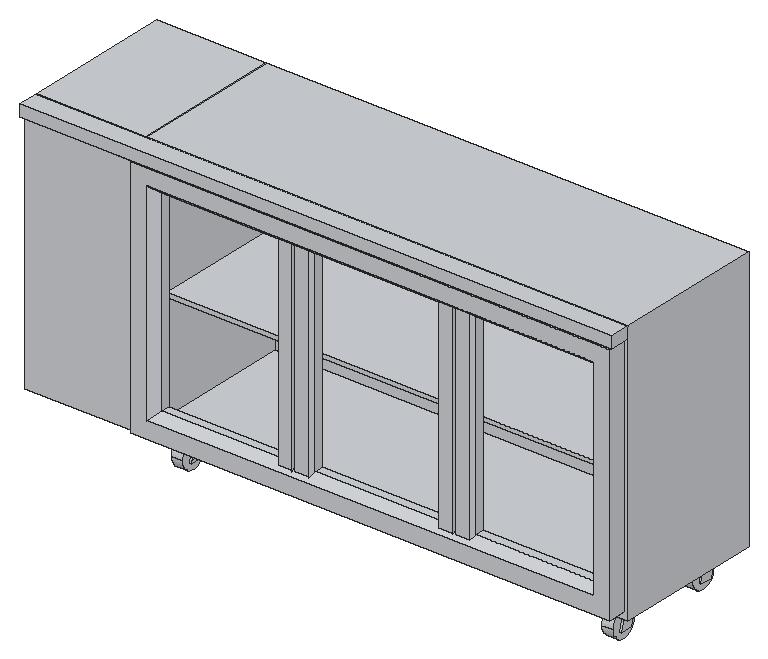
Revit family "Skope BB580", category Specialty Equipment, Revit 2015
Parameters (values of type "3 Sliding Doors Chiller Integral (LH)")
  PD [instance] = if(Height Set > HOM, HOM, if(Height Set < HOMi, HOMi, Height Set))  # 110 mm
  Feet [instance] = not(Castors)  # no
  Swing = not(Sliding)  # no
  Small Unit Size = 235 mm  # constant formula
  Small Refrigeration Unit = not(Large Refrigeration Unit)  # no
  Sliding = yes
  Refridgeration Unit Depth = if(Large Refrigeration Unit, Large Unit Size, Small Unit Size)  # 380 mm
  RHS = if(and(Small Refrigeration Unit, RH Unit), 1 < 2, 2 < 1)  # no
  RHL = if(and(Large Refrigeration Unit, RH Unit), 1 < 2, 2 < 1)  # no
  RH Unit = not(LH Unit)  # no
  RH Refrigeration Unit = if(RH Unit, Refridgeration Unit Depth, 0 mm)  # 0 mm
  Plinth [instance] = no
  Overall Width = 596 mm
  Overall Length = 2060 mm
  Overall Depth = 920 mm
  Model = "BB580-3SL"
  Manufacturer = "Skope Ltd."  # constant formula
  MW = Overall Width - Door Thickness  # 525.2 mm
  MS = Overall Length - LH Refrigeration Unit - RH Refrigeration Unit  # 1680 mm
  MH = Overall Depth - Bench Thickness  # 880 mm
  Large Unit Size = 380 mm  # constant formula
  Large Refrigeration Unit = yes
  LHS = if(and(Small Refrigeration Unit, LH Unit), 1 < 2, 2 < 1)  # no
  LHL = if(and(Large Refrigeration Unit, LH Unit), 1 < 2, 2 < 1)  # yes
  LH Unit = yes
  LH Refrigeration Unit = if(LH Unit, Refridgeration Unit Depth, 0 mm)  # 380 mm
  Interior Wheel Offset = 90 mm  # constant formula
  Height Set [instance] = 190 mm
  Height Offset [instance] = if(Plinth, Height Set, PD)  # 110 mm
  HOMi [instance] = if(Castors, 95 mm, 150 mm)  # 95 mm
  HOM [instance] = if(Castors, 110 mm, 180 mm)  # 110 mm
  DoorNo = 3  # constant formula
  Door Width = MS / DoorNo  # 560 mm
  Door Thickness = 70.8 mm  # constant formula
  Description = "3 Sliding Doors Chiller Integral (LH)"
  Castors [instance] = yes
  Bench Thickness = 40 mm  # constant formula
Types (9, lengths in mm): name | Swing | Small Refrigeration Unit | Sliding | Refridgeration Unit Depth | RHS | RHL | RH Unit | RH Refrigeration Unit | Overall Length | Model | Large Refrigeration Unit | LHS | LHL | LH Unit | LH Refrigeration Unit | Description
  (no name) | no | no | yes | 380 | no | no | no | 0 | 2060 | "BB580-3SL" | yes | no | yes | yes | 380 | "3 Sliding Doors Chiller Integral (LH)"
  3 Sliding Doors Chiller Integral (LH) | no | no | yes | 380 | no | no | no | 0 | 2060 | "BB580-3SL" | yes | no | yes | yes | 380 | "3 Sliding Doors Chiller Integral (LH)"
  3 Sliding Doors Chiller Integral (RH) | no | no | yes | 380 | no | yes | yes | 380 | 2060 | "BB580-3SL-RH" | yes | no | no | no | 0 | "3 Sliding Doors Chiller Integral (RH)"
  3 Sliding Doors Chiller Remote (LH) | no | yes | yes | 235 | no | no | no | 0 | 1915 | "BB580r-3SL" | no | yes | no | yes | 235 | "3 Sliding Doors Chiller Remote (LH)"
  3 Sliding Doors Chiller Remote (RH) | no | yes | yes | 235 | yes | no | yes | 235 | 1915 | "BB580r-3SL-RH" | no | no | no | no | 0 | "3 Sliding Doors Chiller Remote (RH)"
  3 Swing Doors Chiller Integral (LH) | yes | no | no | 380 | no | no | no | 0 | 2060 | "BB580-3SW" | yes | no | yes | yes | 380 | "3 Swing Doors Chiller Integral (LH)"
  3 Swing Doors Chiller Integral (RH) | yes | no | no | 380 | no | yes | yes | 380 | 2060 | "BB580-3SW-RH" | yes | no | no | no | 0 | "3 Swing Doors Chiller Integral (RH)"
  3 Swing Doors Chiller Remote (LH) | yes | yes | no | 235 | no | no | no | 0 | 1915 | "BB580r-3SW" | no | yes | no | yes | 235 | "3 Swing Doors Chiller Remote (LH)"
  3 Swing Doors Chiller Remote (RH) | yes | yes | no | 235 | yes | no | yes | 235 | 1915 | "BB580r-3SW-RH" | no | no | no | no | 0 | "3 Swing Doors Chiller Remote (RH)"
Reference planes
  plane 1 "Center (Front/Back)": y = 0
  plane 2: z = 0
  plane 3 "Center (Left/Right)": x = 0
  plane 4: y = -596
  plane 5: x = 2060
  plane 6: x = 380
  plane 7: x = 2060
  plane 8: y = -525.2
  plane 9: z = 110
  plane 10: z = 990
  plane 11: z = 1030
  plane 12: x = 470
  plane 13: x = 1970
  plane 14: y = -90
  plane 15: y = -435.2
  plane 16: x = 940
Forms (mm)
  Extrusion 1, solid
    sketch origin (0, 0, 0) x (0, 1, 0) y (0, 0, 1)
      loop
        line (-525.2, 1030) -> (-596, 1030) -> (-596, 990) -> (-525.2, 990) -> (-525.2, 1030)
    from 0 to 2060
Dimensions and locks
  "Overall Width": plane 4 to plane 1 "Center (Front/Back)"
  "LH Refrigeration Unit": plane 3 "Center (Left/Right)" to plane 6
  "RH Refrigeration Unit": plane 7 to plane 5
  "Door Thickness": plane 8 to plane 4
  "Overall Length": plane 3 "Center (Left/Right)" to plane 5
  "Height Offset": plane 9 to plane 2
  "Overall Depth": plane 11 to plane 9
  "Bench Thickness": plane 11 to plane 10
  "Interior Wheel Offset": plane 14 to plane 1 "Center (Front/Back)"
  "Interior Wheel Offset": plane 15 to plane 8
  "Interior Wheel Offset": plane 13 to plane 7
  "Interior Wheel Offset": plane 6 to plane 12
  plane 10 to Extrusion 1 = 40 mm
  "Door Width": plane 6 to plane 16
  aligned and locked: level to plane 2
  aligned and locked: plane 9 to nested 1
  aligned and locked: plane 3 "Center (Left/Right)" to nested 2
  aligned and locked: plane 1 "Center (Front/Back)" to nested 2
  aligned and locked: plane 9 to nested 2
  aligned and locked: plane 1 "Center (Front/Back)" to nested 3
  aligned and locked: plane 6 to nested 1
  aligned and locked: plane 3 "Center (Left/Right)" to nested 4
  aligned and locked: nested 4 to plane 8
  aligned and locked: plane 9 to nested 4
  aligned and locked: plane 3 "Center (Left/Right)" to nested 5
  aligned and locked: nested 5 to plane 8
  aligned and locked: plane 9 to nested 5
  aligned and locked: plane 12 to nested 6
  aligned and locked: plane 14 to nested 6
  aligned and locked: plane 12 to nested 7
  aligned and locked: plane 13 to nested 8
  aligned and locked: plane 15 to nested 7
  aligned and locked: nested 7 to plane 9
  aligned and locked: nested 6 to plane 9
  aligned and locked: nested 8 to plane 9
  aligned and locked: nested 8 to plane 14
  aligned and locked: plane 13 to nested 9
  aligned and locked: nested 9 to plane 15
  aligned and locked: nested 9 to plane 9
  aligned and locked: plane 9 to nested 3
  aligned and locked: plane 5 to nested 3
  aligned and locked: nested 10 to plane 12
  aligned and locked: nested 10 to plane 14
  aligned and locked: nested 11 to plane 12
  aligned and locked: nested 11 to plane 15
  aligned and locked: nested 13 to plane 15
  aligned and locked: nested 12 to plane 14
  aligned and locked: nested 12 to plane 13
  aligned and locked: nested 13 to plane 13
  aligned and locked: nested 11 to plane 9
  aligned and locked: nested 10 to plane 9
  aligned and locked: nested 13 to plane 9
  aligned and locked: nested 12 to plane 9
  aligned and locked: plane 6 to nested 14
  aligned and locked: nested 14 to plane 8
  aligned and locked: plane 9 to nested 14
  aligned and locked: nested 15 to plane 9
  aligned and locked: nested 1 to Extrusion 1 sketch curve  (x2)
  aligned and locked: Extrusion 1 sketch curve to nested 4  (x2)
  aligned and locked: plane 5 to Extrusion 1
  aligned and locked: Extrusion 1 to plane 3 "Center (Left/Right)"
  aligned and locked: nested 16 to plane 6
  aligned and locked: nested 16 to plane 8
  aligned and locked: plane 5 to nested 18
  aligned and locked: nested 18 to plane 8
  aligned and locked: plane 5 to nested 17
  aligned and locked: nested 17 to plane 8
  aligned and locked: plane 7 to nested 15
  aligned and locked: nested 15 to plane 8
  aligned and locked: plane 3 "Center (Left/Right)" to nested 19
  aligned and locked: plane 1 "Center (Front/Back)" to nested 19
  aligned and locked: plane 9 to nested 16
  aligned and locked: plane 9 to nested 18
  aligned and locked: plane 9 to nested 17
  aligned and locked: nested 20 to plane 16
  aligned and locked: nested 20 to plane 8
Nested families
  nested 1: "Skope Base Unit" at (380, 0, 110), type "Skope Base Unit"
    with Width 1680 mm, Height 920 mm, Depth 525.2 mm
  nested 2: "Skope Side Base Unit" at (0, 0, 110), visible <- "LH Unit", type "Skope Side Base Unit"
    with Width 380 mm, Height 920 mm, Depth 525.2 mm
  nested 3: "Skope Side Base Unit" at (1680, 0, 110), visible <- "RH Unit", type "Skope Side Base Unit"
    with Width 380 mm, Height 920 mm, Depth 525.2 mm
  nested 4: "Skope Side Unit (Small)" at (0, -525.2, 110), visible <- "LHS", type "Skope Side Unit (Small)"
  nested 5: "Skope Side Unit" at (0, -525.2, 110), visible <- "LHL", type "Skope Side Unit"
  nested 6: "Skope Castors" at (470, -90, 110) x (-1, 0, 0) z (0, 0, 1), visible <- "Castors", type "Skope Castor", detail levels medium+fine
  nested 7: "Skope Castors" at (470, -435.2, 110) x (-1, 0, 0) z (0, 0, 1), visible <- "Castors", type "Skope Castor", detail levels medium+fine
  nested 8: "Skope Castors" at (1970, -90, 110) x (-1, 0, 0) z (0, 0, 1), visible <- "Castors", type "Skope Castor", detail levels medium+fine
  nested 9: "Skope Castors" at (1970, -435.2, 110) x (-1, 0, 0) z (0, 0, 1), visible <- "Castors", type "Skope Castor", detail levels medium+fine
  nested 10: "Skope Legs" at (470, -90, 110), visible <- "Feet", built-in parameter 1001364 <- "Height Offset", type "Skope Castor", detail levels medium+fine
  nested 11: "Skope Legs" at (470, -435.2, 110), visible <- "Feet", built-in parameter 1001364 <- "Height Offset", type "Skope Castor", detail levels medium+fine
  nested 12: "Skope Legs" at (1970, -90, 110), visible <- "Feet", built-in parameter 1001364 <- "Height Offset", type "Skope Castor", detail levels medium+fine
  nested 13: "Skope Legs" at (1970, -435.2, 110), visible <- "Feet", built-in parameter 1001364 <- "Height Offset", type "Skope Castor", detail levels medium+fine
  nested 14: "Skope Solid Swing Door" at (380, -525.2, 110), type "Skope Solid Swing Door"
  nested 15: "Skope Solid Swing Door" at (2060, -525.2, 110) x (-1, 0, 0) z (0, 0, 1), type "Skope Solid Swing Door"
  nested 16: "Skope Glass SlidingDoor" at (380, -525.2, 110), visible <- "Sliding", type "Skope Glass SlidingDoor"
    with Width 1680 mm, Door Visual Radius 1632 mm
  nested 17: "Skope Side Unit (Small)" at (1825, -525.2, 110), visible <- "RHS", type "Skope Side Unit (Small)"
  nested 18: "Skope Side Unit" at (1680, -525.2, 110), visible <- "RHL", type "Skope Side Unit"
  nested 19: "Family8" at (0, 0, 0), visible <- "Plinth", type "Family8"
    with Width 525.2 mm, Offset 20 mm, Length 2060 mm, Height 110 mm
  nested 20: "Skope Solid Swing Door" at (940, -525.2, 110), type "Skope Solid Swing Door"
Definition of nested family "Skope Base Unit"
  Parameters (values of type "Skope Base Unit")
    Width = 1500 mm
    Material = none
    Height = 925 mm
    Depth = 539.2 mm
  Reference planes
    plane 1 "Center (Front/Back)": y = 0
    plane 2: z = 0
    plane 3 "Center (Left/Right)": x = 0
    plane 4: y = -539.2
    plane 5: x = 1500
    plane 6: z = 925
    plane 7: x = 70
    plane 8: z = 855
    plane 9: z = 70
    plane 10: x = 1430
    plane 11: y = -50
    plane 12: z = 462.5
  Forms (mm)
    Extrusion 1, solid, material <- "Material"
      sketch origin (0, 0, 0) x (1, 0, 0) y (0, 1, 0)
        loop
          line (0, -539.2) -> (1500, -539.2) -> (1500, 0) -> (0, 0) -> (0, -539.2)
      from 0 to 925 <- "Height"
    Extrusion 2, void
      sketch origin (0, 0, 0) x (1, 0, 0) y (0, 0, 1)
        loop
          line (70, 855) -> (70, 70) -> (1430, 70) -> (1430, 855) -> (70, 855)
      from 50 to 539.2
    Extrusion 3, solid
      sketch origin (0, 0, 0) x (1, 0, 0) y (0, 1, 0)
        loop
          line (70, -539.2) -> (1430, -539.2) -> (1430, -50) -> (70, -50) -> (70, -539.2)
      from 445.841 to 462.5
  Cuts and joins
    Extrusion 2 cuts Extrusion 1
  Dimensions and locks
    "Depth": plane 1 "Center (Front/Back)" to plane 4
    "Width": plane 5 to plane 3 "Center (Left/Right)"
    "Height": plane 6 to plane 2
    locked: plane 5 to plane 10 at 70
    locked: plane 7 to plane 3 "Center (Left/Right)" at 70
    locked: plane 6 to plane 8 at 70
    plane 9 to plane 2 = 70 mm
    locked: plane 11 to plane 1 "Center (Front/Back)" at 50
    equal spacing: plane 6, plane 12, plane 2
    aligned and locked: level to plane 2
    aligned and locked: Extrusion 1 sketch curve to plane 4
    aligned and locked: plane 3 "Center (Left/Right)" to Extrusion 1 sketch curve
    aligned and locked: Extrusion 1 sketch curve to plane 1 "Center (Front/Back)"
    aligned and locked: plane 5 to Extrusion 1 sketch curve
    aligned and locked: Extrusion 2 sketch curve to plane 8
    aligned and locked: Extrusion 2 sketch curve to plane 7
    aligned and locked: plane 9 to Extrusion 2 sketch curve
    aligned and locked: plane 10 to Extrusion 2 sketch curve
    aligned and locked: Extrusion 2 to plane 4
    aligned and locked: plane 11 to Extrusion 2
    aligned and locked: plane 11 to Extrusion 3 sketch curve
    aligned and locked: Extrusion 3 sketch curve to plane 10
    aligned and locked: plane 7 to Extrusion 3 sketch curve
    aligned and locked: Extrusion 3 sketch curve to plane 4
    aligned and locked: Extrusion 3 to plane 12
Definition of nested family "Skope Side Base Unit"
  Parameters (values of type "Skope Side Base Unit")
    Width = 1750 mm
    Material = none
    Height = 716 mm
    Depth = 759.2 mm
  Reference planes
    plane 1 "Center (Front/Back)": y = 0
    plane 2: z = 0
    plane 3 "Center (Left/Right)": x = 0
    plane 4: y = -759.2
    plane 5: x = 1750
    plane 6: z = 716
  Forms (mm)
    Extrusion 1, solid, material <- "Material"
      sketch origin (0, 0, 0) x (1, 0, 0) y (0, 1, 0)
        loop
          line (0, -759.2) -> (1750, -759.2) -> (1750, 0) -> (0, 0) -> (0, -759.2)
      from 0 to 716 <- "Height"
  Dimensions and locks
    "Depth": plane 1 "Center (Front/Back)" to plane 4
    "Width": plane 5 to plane 3 "Center (Left/Right)"
    "Height": plane 6 to plane 2
    aligned and locked: level to plane 2
    aligned and locked: Extrusion 1 sketch curve to plane 4
    aligned and locked: plane 3 "Center (Left/Right)" to Extrusion 1 sketch curve
    aligned and locked: Extrusion 1 sketch curve to plane 1 "Center (Front/Back)"
    aligned and locked: plane 5 to Extrusion 1 sketch curve
Definition of nested family "Skope Side Unit (Small)"
  Parameters (values of type "Skope Side Unit (Small)")
    Width = 235 mm
    Top Offset = 45 mm
    Material = none
    Height = 880 mm
    Grill Offset = 8 mm
    Door Width = Width - (Door Center Offset * 2)  # 75 mm
    Door Top Offset = 160 mm
    Door Offset Bottom = 151.38 mm
    Door Height = Height - Door Offset Bottom - 30 mm  # 698.62 mm
    Door Center Offset = 80 mm
    Detailed Door Width = 1291.611 mm
    Detailed Door Offset = 10 mm
    Detailed Door Ground Clearance = 24 mm
    Detailed Door Elevation Offset = 8 mm
    Detailed Door Depth = Depth - Detailed Door Offset - Detailed Door Elevation Offset  # 52.8 mm
    Depth = 70.8 mm
  Reference planes
    plane 1 "Center (Front/Back)": y = 0
    plane 2: z = 0
    plane 3 "Center (Left/Right)": x = 0
    plane 4: y = -70.8
    plane 5: x = 235
    plane 6: z = 880
    plane 7: y = -10
    plane 8: x = 320
    plane 9: z = 452
    plane 10: z = 24
    plane 11: z = 840
    plane 12: z = 80
    plane 13: z = 188.571
    plane 14: z = 297.143
    plane 15: z = 405.714
    plane 16: z = 514.286
    plane 17: z = 622.857
    plane 18: z = 731.429
    plane 19: z = 178.571
    plane 20: z = 287.143
    plane 21: z = 721.429
    plane 22: z = 612.857
    plane 23: x = 20
    plane 24: x = 215
  Forms (mm)
    Extrusion 1, solid, material <- "Material", detail levels coarse
      sketch origin (0, 0, 0) x (1, 0, 0) y (0, 1, 0)
        loop
          line (0, -70.8) -> (235, -70.8) -> (235, 0) -> (0, 0) -> (0, -70.8)
      from 0 to 880 <- "Height"
    Extrusion 2, solid, material <- "Material", detail levels medium+fine
      sketch origin (-18, 0, 0) x (1, 0, 0) y (0, 0, 1)
        loop
          line (26, 872) -> (26, 32) -> (253, 32) -> (253, 872) -> (26, 872)
      from 10 to 62.8
    Extrusion 3, solid, detail levels medium+fine
      sketch origin (-18, -62.8, 0) x (1, 0, 0) y (0, 0, 1)
        loop
          line (34, 40) -> (245, 40) -> (245, 864) -> (34, 864) -> (34, 40)
      from -62.8 to -52.8
  Lines and regions (mm)
    model lines, detail levels medium+fine
      curve 1: line (20, -62.8, 622.857) -> (215, -62.8, 622.857)
      curve 2: line (20, -62.8, 721.429) -> (20, -62.8, 622.857)
      curve 3: line (215, -62.8, 721.429) -> (20, -62.8, 721.429)
      curve 4: line (215, -62.8, 622.857) -> (215, -62.8, 721.429)
      curve 5: line (20, -62.8, 514.286) -> (215, -62.8, 514.286)
      curve 6: line (20, -62.8, 612.857) -> (20, -62.8, 514.286)
      curve 7: line (215, -62.8, 612.857) -> (20, -62.8, 612.857)
      curve 8: line (215, -62.8, 514.286) -> (215, -62.8, 612.857)
      curve 9: line (20, -62.8, 80) -> (215, -62.8, 80)
      curve 10: line (20, -62.8, 178.571) -> (20, -62.8, 80)
      curve 11: line (215, -62.8, 178.571) -> (20, -62.8, 178.571)
      curve 12: line (215, -62.8, 80) -> (215, -62.8, 178.571)
      curve 13: line (20, -62.8, 188.571) -> (215, -62.8, 188.571)
      curve 14: line (20, -62.8, 287.143) -> (20, -62.8, 188.571)
      curve 15: line (215, -62.8, 287.143) -> (20, -62.8, 287.143)
      curve 16: line (215, -62.8, 188.571) -> (215, -62.8, 287.143)
      curve 17: line (20, -62.8, 731.429) -> (151, -62.8, 731.429)
      curve 18: line (20, -62.8, 796.429) -> (20, -62.8, 731.429)
      curve 19: line (151, -62.8, 796.429) -> (20, -62.8, 796.429)
      curve 20: line (151, -62.8, 731.429) -> (151, -62.8, 796.429)
  Dimensions and locks
    "Depth": plane 1 "Center (Front/Back)" to plane 4
    "Width": plane 5 to plane 3 "Center (Left/Right)"
    "Height": plane 6 to plane 2
    "Detailed Door Offset": plane 7 to plane 1 "Center (Front/Back)"
    Extrusion 1 to Extrusion 1 to plane 8 = 235 mm, 85 mm
    equal spacing: plane 10, plane 9, plane 6
    "Detailed Door Elevation Offset": Extrusion 1 to Extrusion 2  (x3)
    "Detailed Door Ground Clearance": plane 10 to level
    "Detailed Door Depth": plane 7 to Extrusion 2
    "Detailed Door Elevation Offset": Extrusion 2 to plane 10
    "Grill Offset": Extrusion 2 to Extrusion 3 sketch curve
    Extrusion 1 to Extrusion 3 sketch curve = 8 mm
    plane 6 to plane 11 = 40 mm
    plane 12 to plane 2 = 80 mm
    equal spacing: plane 11, plane 18, plane 17, plane 16, plane 15, plane 14, plane 13, plane 12
    plane 18 to plane 21 = 10 mm
    plane 17 to plane 22 = 10 mm
    plane 14 to plane 20 = 10 mm
    plane 13 to plane 19 = 10 mm
    plane 23 to plane 3 "Center (Left/Right)" = 20 mm
    plane 5 to plane 24 = 20 mm
    aligned and locked: level to plane 2
    aligned and locked: Extrusion 1 sketch curve to plane 4
    aligned and locked: plane 3 "Center (Left/Right)" to Extrusion 1 sketch curve
    aligned and locked: Extrusion 1 sketch curve to plane 1 "Center (Front/Back)"
    aligned and locked: Extrusion 1 sketch curve to plane 5
    aligned and locked: plane 7 to Extrusion 2
    aligned and locked: Extrusion 2 sketch curve to plane 5
    aligned and locked: Extrusion 3 to plane 1 "Center (Front/Back)"
    aligned and locked: Extrusion 3 to plane 7
    aligned and locked: curve 1 to plane 17
    aligned and locked: plane 21 to curve 3
    aligned and locked: plane 22 to curve 7
    aligned and locked: curve 9 to plane 12
    aligned and locked: plane 19 to curve 11
    aligned and locked: curve 13 to plane 13
    aligned and locked: plane 20 to curve 15
    aligned and locked: curve 17 to plane 18
    aligned and locked: plane 24 to curve 12
    aligned and locked: plane 23 to curve 10
  Automatic sketch dimensions
    plane 3 "Center (Left/Right)" to Extrusion 2 sketch curve = 8 mm
    plane 10 to Extrusion 2 sketch curve = 8 mm
    Extrusion 2 sketch curve to plane 6 = 8 mm
    curve 3 to Extrusion 2 = 12 mm
    curve 19 to Extrusion 2 = 12 mm
    curve 14 to Extrusion 2 = 12 mm
    curve 5 to Extrusion 2 = 12 mm
    curve 19 to Extrusion 2 = 84 mm
    curve 13 to curve 11 = 0 mm
    curve 1 to curve 8 = 0 mm
    curve 6 to curve 6 = 98.571 mm
    curve 17 to curve 19 = 65 mm
    curve 8 to Extrusion 2 = 20 mm
    Extrusion 3 sketch curve to Extrusion 2 = 8 mm  (x2)
Definition of nested family "Skope Side Unit"
  Parameters (values of type "Skope Side Unit")
    Width = 380 mm
    Top Offset = 45 mm
    Material = none
    Height = 880 mm
    Grill Offset = 8 mm
    Door Width = Width - (Door Center Offset * 2)  # 220 mm
    Door Top Offset = 160 mm
    Door Offset Bottom = 151.38 mm
    Door Height = Height - Door Offset Bottom - 30 mm  # 698.62 mm
    Door Center Offset = 80 mm
    Detailed Door Width = 1291.611 mm
    Detailed Door Offset = 10 mm
    Detailed Door Ground Clearance = 24 mm
    Detailed Door Elevation Offset = 8 mm
    Detailed Door Depth = Depth - Detailed Door Offset - Detailed Door Elevation Offset  # 52.8 mm
    Depth = 70.8 mm
  Reference planes
    plane 1 "Center (Front/Back)": y = 0
    plane 2: z = 0
    plane 3 "Center (Left/Right)": x = 0
    plane 4: y = -70.8
    plane 5: x = 380
    plane 6: z = 880
    plane 7: y = -10
    plane 8: x = 340
    plane 9: z = 452
    plane 10: z = 24
    plane 11: x = 40
    plane 12: z = 840
    plane 13: z = 65.281
    plane 14: z = 710.88
    plane 15: z = 581.76
    plane 16: z = 452.641
    plane 17: z = 323.521
    plane 18: z = 194.401
    plane 19: z = 184.401
    plane 20: z = 313.521
    plane 21: z = 442.641
    plane 22: z = 571.76
    plane 23: z = 700.88
    plane 24: z = 830
    plane 25: x = 220
  Forms (mm)
    Extrusion 1, solid, material <- "Material", detail levels coarse
      sketch origin (0, 0, 0) x (1, 0, 0) y (0, 1, 0)
        loop
          line (0, -70.8) -> (380, -70.8) -> (380, 0) -> (0, 0) -> (0, -70.8)
      from 0 to 880 <- "Height"
    Extrusion 2, solid, material <- "Material", detail levels medium+fine
      sketch origin (-18, 0, 0) x (1, 0, 0) y (0, 0, 1)
        loop
          line (26, 872) -> (26, 32) -> (398, 32) -> (398, 872) -> (26, 872)
      from 10 to 62.8
    Extrusion 3, solid, detail levels medium+fine
      sketch origin (-18, -62.8, 0) x (1, 0, 0) y (0, 0, 1)
        loop
          line (34, 40) -> (390, 40) -> (390, 864) -> (34, 864) -> (34, 40)
      from -62.8 to -52.8
  Lines and regions (mm)
    model lines, detail levels medium+fine
      curve 1: line (40, -62.8, 184.401) -> (340, -62.8, 184.401)
      curve 2: line (40, -62.8, 65.281) -> (40, -62.8, 184.401)
      curve 3: line (340, -62.8, 65.281) -> (40, -62.8, 65.281)
      curve 4: line (340, -62.8, 184.401) -> (340, -62.8, 65.281)
      curve 5: line (40, -62.8, 313.521) -> (340, -62.8, 313.521)
      curve 6: line (40, -62.8, 194.401) -> (40, -62.8, 313.521)
      curve 7: line (340, -62.8, 194.401) -> (40, -62.8, 194.401)
      curve 8: line (340, -62.8, 313.521) -> (340, -62.8, 194.401)
      curve 9: line (40, -62.8, 830) -> (220, -62.8, 830)
      curve 10: line (40, -62.8, 710.88) -> (40, -62.8, 830)
      curve 11: line (220, -62.8, 710.88) -> (40, -62.8, 710.88)
      curve 12: line (220, -62.8, 830) -> (220, -62.8, 710.88)
      curve 13: line (40, -62.8, 700.88) -> (220, -62.8, 700.88)
      curve 14: line (40, -62.8, 581.76) -> (40, -62.8, 700.88)
      curve 15: line (220, -62.8, 581.76) -> (40, -62.8, 581.76)
      curve 16: line (220, -62.8, 700.88) -> (220, -62.8, 581.76)
      curve 17: line (241.037, -62.8, 830) -> (326.037, -62.8, 830)
      curve 18: line (241.037, -62.8, 795) -> (241.037, -62.8, 830)
      curve 19: line (326.037, -62.8, 795) -> (241.037, -62.8, 795)
      curve 20: line (326.037, -62.8, 830) -> (326.037, -62.8, 795)
  Dimensions and locks
    "Depth": plane 1 "Center (Front/Back)" to plane 4
    "Width": plane 5 to plane 3 "Center (Left/Right)"
    "Height": plane 6 to plane 2
    "Detailed Door Offset": plane 7 to plane 1 "Center (Front/Back)"
    Extrusion 1 to plane 8 to Extrusion 1 = 340 mm, 40 mm
    equal spacing: plane 10, plane 9, plane 6
    "Detailed Door Elevation Offset": Extrusion 1 to Extrusion 2  (x3)
    "Detailed Door Ground Clearance": plane 10 to level
    "Detailed Door Depth": plane 7 to Extrusion 2
    "Detailed Door Elevation Offset": Extrusion 2 to plane 10
    "Grill Offset": Extrusion 2 to Extrusion 3 sketch curve
    Extrusion 1 to Extrusion 3 sketch curve = 8 mm
    locked: plane 11 to plane 3 "Center (Left/Right)" at 40
    plane 13 to plane 2 = 65.281 mm
    plane 6 to plane 12 = 40 mm
    equal spacing: plane 12, plane 14, plane 15, plane 16, plane 17, plane 18, plane 13
    plane 12 to plane 24 = 10 mm
    plane 14 to plane 23 = 10 mm
    plane 15 to plane 22 = 10 mm
    plane 16 to plane 21 = 10 mm
    plane 17 to plane 20 = 10 mm
    plane 18 to plane 19 = 10 mm
    locked: plane 5 to plane 8 at 40
    plane 11 to plane 25 = 180 mm
    plane 25 to curve 18 = 21.037 mm
    aligned and locked: level to plane 2
    aligned and locked: Extrusion 1 sketch curve to plane 4
    aligned and locked: plane 3 "Center (Left/Right)" to Extrusion 1 sketch curve
    aligned and locked: Extrusion 1 sketch curve to plane 1 "Center (Front/Back)"
    aligned and locked: Extrusion 1 sketch curve to plane 5
    aligned and locked: plane 7 to Extrusion 2
    aligned and locked: Extrusion 2 sketch curve to plane 5
    aligned and locked: Extrusion 3 to plane 1 "Center (Front/Back)"
    aligned and locked: Extrusion 3 to plane 7
    aligned and locked: curve 1 to plane 19
    aligned and locked: curve 2 to plane 11
    aligned and locked: curve 3 to plane 13
    aligned and locked: curve 4 to plane 8
    aligned and locked: curve 5 to plane 20
    aligned and locked: curve 6 to plane 11
    aligned and locked: plane 18 to curve 7
    aligned and locked: curve 8 to plane 8
    aligned and locked: curve 9 to plane 24
    aligned and locked: curve 10 to plane 11
    aligned and locked: plane 14 to curve 11
    aligned and locked: plane 25 to curve 12
    aligned and locked: curve 13 to plane 23
    aligned and locked: curve 14 to plane 11
    aligned and locked: plane 15 to curve 15
    aligned and locked: plane 25 to curve 16
  Automatic sketch dimensions
    plane 3 "Center (Left/Right)" to Extrusion 2 sketch curve = 8 mm
    plane 10 to Extrusion 2 sketch curve = 8 mm
    Extrusion 2 sketch curve to plane 6 = 8 mm
    curve 19 to Extrusion 2 = 53.963 mm
    curve 18 to curve 9 = 35 mm
    curve 19 to curve 17 = 35 mm
    Extrusion 3 sketch curve to Extrusion 2 = 8 mm  (x2)
Definition of nested family "Skope Castors"
  Parameters (values of type "Skope Castor")
    Wheel Offset = Height Adjusted - 105 mm  # 5 mm
    Wheel Material = none
    Pusher = if([Height (115mm to 130mm)] < 116 mm, -10 mm, (105 mm - Height Adjusted))  # -10 mm
    Material = none
    Height Adjusted = if([Height (115mm to 130mm)] < 110 mm, 110 mm, (if([Height (115mm to 130mm)] > 130 mm, 130 mm, [Height (115mm to 130mm)])))  # 110 mm
    Height (115mm to 130mm) = 110 mm
  Reference planes
    plane 1 "Center (Front/Back)": y = 0
    plane 2: z = 0
    plane 3 "Center (Left/Right)": x = 0
    plane 4: z = -56
    plane 5: x = -50
    plane 6: x = 50
    plane 7: y = -57.5
    plane 8: y = 57.5
    plane 9: z = -5
    plane 10: z = -119.14
  Forms (mm)
    Extrusion 1, solid, material <- "Material"
      sketch origin (-68.05, 25.042, 0) x (1, 0, 0) y (0, 1, 0)
        loop
          circle (68.05, -25.042) r 10
      from -10 <- "Pusher" to 0
    Extrusion 2, solid, material <- "Material"
      sketch origin (0, 0, 0) x (1, 0, 0) y (0, 1, 0)
        loop
          line (-50, 57.5) -> (-50, -57.5) -> (50, -57.5) -> (50, 57.5) -> (-50, 57.5)
      from 0 to -4
  Cuts and joins
    joined: Extrusion 1, Extrusion 2
  Dimensions and locks
    locked: plane 8 to plane 1 "Center (Front/Back)" at 57.5
    plane 7 to plane 1 "Center (Front/Back)" = 57.5 mm
    plane 5 to plane 3 "Center (Left/Right)" to plane 6 = 50 mm, 50 mm
    "Wheel Offset": plane 2 to plane 9
    radius of Extrusion 1 sketch curve = 10 mm
    aligned and locked: level to plane 2
    aligned and locked: level to Extrusion 1
    aligned and locked: plane 3 "Center (Left/Right)" to nested 1
    aligned and locked: nested 1 to Extrusion 1 sketch curve
    aligned and locked: plane 1 "Center (Front/Back)" to Extrusion 1 sketch curve
    aligned and locked: Extrusion 2 sketch curve to plane 8
    aligned and locked: plane 5 to Extrusion 2 sketch curve
    aligned and locked: plane 7 to Extrusion 2 sketch curve
    aligned and locked: Extrusion 2 sketch curve to plane 6
    aligned and locked: plane 9 to nested 1
  Nested families
    nested 1: "Wheel Base1" at (0, 0, -5), type "Wheel Base1"
  Definition of nested family "Wheel Base1"
    Parameters (values of type "Wheel Base1")
      Wheel Size = 60 mm
      Wheel Offset = 15 mm
      Wheel Material = none
      Wheel Inner Offset = 10 mm
      Wheel Area Depth = 30 mm
      Material = none
      Corner Offset = 0 mm
    Reference planes
      plane 1 "Center (Front/Back)": y = 0
      plane 2: z = 0
      plane 3 "Center (Left/Right)": x = 0
      plane 4: x = -30
      plane 5: x = 30
      plane 6: x = 0
      plane 7: x = -20
      plane 8: x = 20
      plane 9: y = 57.5
      plane 10: y = -57.5
      plane 11: y = 20
      plane 12: y = -20
      plane 13: z = -60
      plane 14: y = 40
    Forms (mm)
      Extrusion 1, solid, material <- "Wheel Material"
        sketch origin (0, 0, 0) x (0, 1, 0) y (0, 0, 1)
          loop
            circle (20, -60) r 45
        from -20 to 20
      Extrusion 2, solid, material <- "Wheel Material"
        sketch origin (0, 0, 0) x (0, 1, 0) y (0, 0, 1)
          loop
            line (20, 0) -> (-20, 0) -> (0, -75.216) -> (40, -75.216) -> (20, 0)
        from -30 to 30
      Extrusion 3, solid, material <- "Wheel Material"
        sketch origin (0, 0, 0) x (1, 0, 0) y (0, 1, 0)
          loop
            circle (0, 0) r 40
        from 0 to -4
    Cuts and joins
      joined: Extrusion 1, Extrusion 2, Extrusion 3
    Dimensions and locks
      "Wheel Size": plane 4 to plane 5
      equal spacing: plane 5, plane 6, plane 4
      "Wheel Inner Offset": plane 7 to plane 4
      "Wheel Inner Offset": plane 5 to plane 8
      plane 9 to plane 1 "Center (Front/Back)" to plane 10 = 57.5 mm, 57.5 mm
      plane 9 to plane 11 to plane 1 "Center (Front/Back)" = 37.5 mm, 20 mm
      plane 1 "Center (Front/Back)" to plane 12 to plane 10 = 20 mm, 37.5 mm
      aligned and locked: level to plane 2
      aligned and locked: plane 11 to Extrusion 1 sketch curve
      aligned and locked: plane 13 to Extrusion 1 sketch curve
      aligned and locked: plane 8 to Extrusion 1
      aligned and locked: Extrusion 1 to plane 7
      aligned and locked: plane 5 to Extrusion 2
      aligned and locked: Extrusion 2 to plane 4
      aligned and locked: plane 6 to Extrusion 3 sketch curve
      aligned and locked: plane 1 "Center (Front/Back)" to Extrusion 3 sketch curve
    Automatic sketch dimensions
      Extrusion 2 sketch curve to plane 12 = 0 mm
      Extrusion 2 sketch curve to plane 1 "Center (Front/Back)" = 0 mm
      Extrusion 2 sketch curve to level = 0 mm
      Extrusion 2 sketch curve to plane 11 = 0 mm
      Extrusion 2 sketch curve to plane 14 = 0 mm
      Extrusion 2 sketch curve to plane 13 = 15.216 mm
      radius of Extrusion 1 sketch curve = 45 mm
      radius of Extrusion 3 sketch curve = 40 mm
Definition of nested family "Skope Legs"
  Parameters (values of type "Skope Castor")
    Wheel Offset = Height Adjusted - 120 mm  # 30 mm
    Pusher = if([Height (150mm to 180mm)] < 116 mm, -10 mm, (105 mm - Height Adjusted))  # -10 mm
    Material = none
    Height Adjusted = if([Height (150mm to 180mm)] < 150 mm, 150 mm, (if([Height (150mm to 180mm)] > 180 mm, 180 mm, [Height (150mm to 180mm)])))  # 150 mm
    Height (150mm to 180mm) = 115 mm
  Reference planes
    plane 1 "Center (Front/Back)": y = 0
    plane 2: z = 0
    plane 3 "Center (Left/Right)": x = 0
    plane 4: x = -50
    plane 5: x = 50
    plane 6: y = -57.5
    plane 7: y = 57.5
    plane 8: z = -120
    plane 9: z = -150
  Forms (mm)
    Extrusion 1, solid, material <- "Material"
      sketch origin (0, 0, 0) x (1, 0, 0) y (0, 1, 0)
        loop
          line (-50, 57.5) -> (-50, -57.5) -> (50, -57.5) -> (50, 57.5) -> (-50, 57.5)
      from 0 to -4
    Extrusion 2, solid, material <- "Material"
      sketch origin (0, 0, 0) x (1, 0, 0) y (0, 1, 0)
        loop
          circle (0, 0) r 30
      from 0 to -120
    Extrusion 3, solid, material <- "Material"
      sketch origin (0, 0, 0) x (1, 0, 0) y (0, 1, 0)
        loop
          circle (0, 0) r 20
      from -120 to -150
  Cuts and joins
    joined: Extrusion 1, Extrusion 2, Extrusion 3
  Dimensions and locks
    locked: plane 7 to plane 1 "Center (Front/Back)" at 57.5
    plane 6 to plane 1 "Center (Front/Back)" = 57.5 mm
    plane 4 to plane 3 "Center (Left/Right)" to plane 5 = 50 mm, 50 mm
    plane 2 to plane 8 = 120 mm
    "Wheel Offset": plane 9 to plane 8
    plane 2 to plane 9 = 150 mm
    aligned and locked: level to plane 2
    aligned and locked: plane 3 "Center (Left/Right)" to Extrusion 2 sketch curve
    aligned and locked: plane 1 "Center (Front/Back)" to Extrusion 2 sketch curve
    aligned and locked: Extrusion 2 to plane 8
    aligned and locked: Extrusion 3 to plane 9
    aligned and locked: plane 8 to Extrusion 3
  Automatic sketch dimensions
    Extrusion 1 sketch curve to plane 4 = 0 mm
    Extrusion 1 sketch curve to plane 5 = 0 mm
    Extrusion 1 sketch curve to plane 6 = 0 mm
    Extrusion 1 sketch curve to plane 7 = 0 mm
    plane 1 "Center (Front/Back)" to Extrusion 3 sketch curve = 0 mm
    Extrusion 3 sketch curve to plane 3 "Center (Left/Right)" = 0 mm
    radius of Extrusion 2 sketch curve = 30 mm
    radius of Extrusion 3 sketch curve = 20 mm
Definition of nested family "Skope Solid Swing Door"
  Parameters (values of type "Skope Solid Swing Door")
    Width = 560 mm
    Swing = no
    Slide = not(Swing)  # yes
    Material = none
    Height = 880 mm
    Handle Material = none
    Door Width = 325 mm
    Door Visual Right Offset = 30 mm
    Door Visual Radius = Width - Door Visual Left Offset - Door Visual Right Offset  # 512 mm
    Door Visual Left Offset = 18 mm
    Door Radius = 90.00°
    Door Height = 469.62 mm
    Detailed Door Offset = 10 mm
    Detailed Door Ground Clearance = 24 mm
    Detailed Door Elevation Offset = 8 mm
    Detailed Door Depth = Depth - Detailed Door Offset - Detailed Door Elevation Offset  # 52.8 mm
    Depth = 70.8 mm
  Reference planes
    plane 1 "Center (Front/Back)": y = 0
    plane 2: z = 0
    plane 3 "Center (Left/Right)": x = 0
    plane 4: y = -70.8
    plane 5: x = 560
    plane 6: z = 880
    plane 7: y = -10
    plane 8: z = 24
    plane 9: x = 18
    plane 10: x = 530
    plane 11: z = 651.193
    plane 12: z = 63.558
  Forms (mm)
    Extrusion 1, solid, material <- "Material", detail levels coarse
      sketch origin (0, 0, 0) x (1, 0, 0) y (0, 1, 0)
        loop
          line (0, -70.8) -> (560, -70.8) -> (560, 0) -> (0, 0) -> (0, -70.8)
      from 0 to 880 <- "Height"
    Sweep 2, solid, visible <- "Swing", detail levels medium+fine
      path in 3D
        loop
          line (560, -70.8, 24) -> (0, -70.8, 24) -> (0, -70.8, 880) -> (560, -70.8, 880) -> (560, -70.8, 24)
      profile origin (560, -70.8, 452) x (1, 0, 0) y (0, 1, 0)
        loop
          line (-5, 60.8) -> (-87.967, 60.8) -> (-87.967, 31.542) -> (-61.5, 0) -> (-5, 0) -> (-5, 60.8)
    Sweep 3, solid, visible <- "Slide"
      path in 3D
        loop
          line (560, -70.8, 24) -> (0, -70.8, 24) -> (0, -70.8, 880) -> (560, -70.8, 880) -> (560, -70.8, 24)
      profile origin (560, -70.8, 452) x (1, 0, 0) y (0, 1, 0)
        loop
          line (-5, 15.8) -> (-5, 60.8) -> (-61.432, 60.8) -> (-61.432, 30.903) -> (-53.401, 15.8) -> (-5, 15.8)
  Lines and regions (mm)
    symbolic lines, visible <- "Swing"
      curve 1: line (18, -70.8, 0) -> (18, -582.8, 0)
      curve 2: arc (18, -582.8, 0) -> (380.988, -431.887, 0) -> (529.993, -68.113, 0) r 512
    sketch lines
      curve 3: line (560, -70.8, 880) -> (560, -70.8, 24)
      curve 4: line (0, -70.8, 880) -> (560, -70.8, 880)
      curve 5: line (0, -70.8, 880) -> (0, -70.8, 24)
      curve 6: line (560, -70.8, 880) -> (560, -70.8, 24)
      curve 7: line (0, -70.8, 880) -> (560, -70.8, 880)
      curve 12: line (0, -70.8, 24) -> (560, -70.8, 24)
      curve 13: line (0, -70.8, 880) -> (0, -70.8, 24)
      curve 14: line (0, -70.8, 24) -> (560, -70.8, 24)
    model lines
      curve 8: line (0, -70.8, 24) -> (560, -70.8, 24)
      curve 9: line (0, -70.8, 880) -> (0, -70.8, 24)
      curve 10: line (560, -70.8, 880) -> (0, -70.8, 880)
      curve 11: line (560, -70.8, 24) -> (560, -70.8, 880)
  Dimensions and locks
    "Depth": plane 1 "Center (Front/Back)" to plane 4
    "Width": plane 5 to plane 3 "Center (Left/Right)"
    "Height": plane 6 to plane 2
    "Detailed Door Offset": plane 7 to plane 1 "Center (Front/Back)"
    "Detailed Door Ground Clearance": plane 8 to level
    "Door Visual Left Offset": plane 3 "Center (Left/Right)" to plane 9
    "Door Visual Right Offset": plane 10 to plane 5
    "Door Visual Radius": curve 1 to curve 1
    Sweep 2 sketch curve to profile plane = 5 mm
    "Door Visual Radius": radius of curve 2
    "Door Radius": angle curve 1 to plane 4
    aligned and locked: level to plane 2
    aligned and locked: Extrusion 1 sketch curve to plane 4
    aligned and locked: plane 3 "Center (Left/Right)" to Extrusion 1 sketch curve
    aligned and locked: Extrusion 1 sketch curve to plane 1 "Center (Front/Back)"
    aligned and locked: Extrusion 1 sketch curve to plane 5
    aligned and locked: curve 1 to plane 9
    aligned and locked: plane 4 to curve 1
    aligned and locked: Sweep 2 sketch curve to profile plane
    aligned and locked: curve 8 to plane 8
    aligned and locked: curve 9 to plane 3 "Center (Left/Right)"
    aligned and locked: plane 6 to curve 10
    aligned and locked: plane 5 to curve 11
  Automatic sketch dimensions
    Sweep 2 sketch curve to Sweep 2 sketch curve = 56.5 mm
    Sweep 2 sketch curve to Sweep 2 sketch curve = 26.467 mm
    Sweep 2 sketch curve to profile plane = 60.8 mm
    Sweep 2 sketch curve to profile plane = 31.542 mm
    Sweep 3 sketch curve to profile plane = 61.432 mm
    Sweep 3 sketch curve to profile plane = 15.8 mm
    Sweep 3 sketch curve to Sweep 3 sketch curve = 8.03 mm
    Sweep 3 sketch curve to profile plane = 5 mm
    Sweep 3 sketch curve to Sweep 3 sketch curve = 15.103 mm
    Sweep 3 sketch curve to Sweep 3 sketch curve = 45 mm
    curve 2 to plane 10 = 0.007 mm
Definition of nested family "Skope Glass SlidingDoor"
  Parameters (values of type "Skope Glass SlidingDoor")
    Width = 560 mm
    Material = none
    Height = 880 mm
    Handle Material = none
    Door Width = 325 mm
    Door Visual Right Offset = 30 mm
    Door Visual Radius = Width - Door Visual Left Offset - Door Visual Right Offset  # 512 mm
    Door Visual Left Offset = 18 mm
    Door Radius = 90.00°
    Door Height = 469.62 mm
    Detailed Door Offset = 10 mm
    Detailed Door Ground Clearance = 24 mm
    Detailed Door Elevation Offset = 8 mm
    Detailed Door Depth = Depth - Detailed Door Offset - Detailed Door Elevation Offset  # 52.8 mm
    Depth = 70.8 mm
  Reference planes
    plane 1 "Center (Front/Back)": y = 0
    plane 2: z = 0
    plane 3 "Center (Left/Right)": x = 0
    plane 4: y = -70.8
    plane 5: x = 560
    plane 6: z = 880
    plane 7: y = -10
    plane 8: z = 24
    plane 9: x = 18
    plane 10: x = 530
    plane 11: z = 651.193
    plane 12: z = 63.558
  Forms (mm)
    Extrusion 1, solid, material <- "Material", detail levels coarse
      sketch origin (0, 0, 0) x (1, 0, 0) y (0, 1, 0)
        loop
          line (0, -70.8) -> (560, -70.8) -> (560, 0) -> (0, 0) -> (0, -70.8)
      from 0 to 880 <- "Height"
    Sweep 2, solid, detail levels medium+fine
      path in 3D
        loop
          line (560, -70.8, 24) -> (0, -70.8, 24) -> (0, -70.8, 880) -> (560, -70.8, 880) -> (560, -70.8, 24)
      profile origin (560, -70.8, 452) x (1, 0, 0) y (0, 1, 0)
        loop
          line (-5, 60.8) -> (-87.967, 60.8) -> (-87.967, 31.542) -> (-61.5, 0) -> (-5, 0) -> (-5, 60.8)
  Lines and regions (mm)
    symbolic lines, not visible
      curve 1: line (18, -70.8, 0) -> (18, -582.8, 0)
      curve 2: arc (18, -582.8, 0) -> (380.988, -431.887, 0) -> (529.993, -68.113, 0) r 512
    sketch lines
      curve 3: line (560, -70.8, 880) -> (560, -70.8, 24)
      curve 4: line (0, -70.8, 880) -> (560, -70.8, 880)
      curve 5: line (0, -70.8, 880) -> (0, -70.8, 24)
      curve 10: line (0, -70.8, 24) -> (560, -70.8, 24)
    model lines
      curve 6: line (0, -70.8, 24) -> (560, -70.8, 24)
      curve 7: line (0, -70.8, 880) -> (0, -70.8, 24)
      curve 8: line (560, -70.8, 880) -> (0, -70.8, 880)
      curve 9: line (560, -70.8, 24) -> (560, -70.8, 880)
  Dimensions and locks
    "Depth": plane 1 "Center (Front/Back)" to plane 4
    "Width": plane 5 to plane 3 "Center (Left/Right)"
    "Height": plane 6 to plane 2
    "Detailed Door Offset": plane 7 to plane 1 "Center (Front/Back)"
    "Detailed Door Ground Clearance": plane 8 to level
    "Door Visual Left Offset": plane 3 "Center (Left/Right)" to plane 9
    "Door Visual Right Offset": plane 10 to plane 5
    "Door Visual Radius": curve 1 to curve 1
    Sweep 2 sketch curve to profile plane = 5 mm
    "Door Visual Radius": radius of curve 2
    "Door Radius": angle curve 1 to plane 4
    aligned and locked: level to plane 2
    aligned and locked: Extrusion 1 sketch curve to plane 4
    aligned and locked: plane 3 "Center (Left/Right)" to Extrusion 1 sketch curve
    aligned and locked: Extrusion 1 sketch curve to plane 1 "Center (Front/Back)"
    aligned and locked: Extrusion 1 sketch curve to plane 5
    aligned and locked: curve 1 to plane 9
    aligned and locked: plane 4 to curve 1
    aligned and locked: Sweep 2 sketch curve to profile plane
    aligned and locked: curve 6 to plane 8
    aligned and locked: curve 7 to plane 3 "Center (Left/Right)"
    aligned and locked: plane 6 to curve 8
    aligned and locked: plane 5 to curve 9
  Automatic sketch dimensions
    Sweep 2 sketch curve to Sweep 2 sketch curve = 56.5 mm
    Sweep 2 sketch curve to Sweep 2 sketch curve = 26.467 mm
    Sweep 2 sketch curve to profile plane = 60.8 mm
    Sweep 2 sketch curve to profile plane = 31.542 mm
    curve 2 to plane 10 = 0.007 mm
Definition of nested family "Family8"
  Parameters (values of type "Family8")
    Width = 700 mm
    Offset = 60 mm
    Length = 1200 mm
    Height = 400 mm
  Reference planes
    plane 1 "Center (Front/Back)": y = 0
    plane 2: z = 0
    plane 3 "Center (Left/Right)": x = 0
    plane 4: y = -700
    plane 5: x = 1200
    plane 6: z = 400
    plane 7: x = 60
    plane 8: x = 1140
    plane 9: y = -640
    plane 10: y = -60
  Forms (mm)
    Extrusion 1, solid, detail levels coarse
      sketch origin (0, 0, 0) x (1, 0, 0) y (0, 1, 0)
        loop
          line (0, 0) -> (0, -700) -> (1200, -700) -> (1200, 0) -> (0, 0)
      from 0 to 400
    Extrusion 2, solid, detail levels medium+fine
      sketch origin (0, 0, 0) x (1, 0, 0) y (0, 1, 0)
        loop
          line (60, -60) -> (60, -640) -> (1140, -640) -> (1140, -60) -> (60, -60)
      from 0 to 400
  Dimensions and locks
    "Length": plane 3 "Center (Left/Right)" to plane 5
    "Width": plane 4 to plane 1 "Center (Front/Back)"
    "Height": plane 6 to plane 2
    plane 3 "Center (Left/Right)" to Extrusion 1 = 1200 mm
    "Offset": plane 10 to plane 1 "Center (Front/Back)"
    "Offset": plane 9 to plane 4
    "Offset": plane 3 "Center (Left/Right)" to plane 7
    "Offset": plane 8 to plane 5
    aligned and locked: level to plane 2
    aligned and locked: plane 6 to Extrusion 1
    aligned and locked: Extrusion 1 to plane 5
    aligned and locked: Extrusion 1 to plane 1 "Center (Front/Back)"
    aligned and locked: Extrusion 1 to plane 3 "Center (Left/Right)"
    aligned and locked: Extrusion 1 to plane 4
    aligned and locked: Extrusion 2 sketch curve to plane 10
    aligned and locked: Extrusion 2 sketch curve to plane 7
    aligned and locked: Extrusion 2 sketch curve to plane 8
    aligned and locked: plane 9 to Extrusion 2 sketch curve
    aligned and locked: Extrusion 1 to Extrusion 2
  Automatic sketch dimensions
    Extrusion 1 sketch curve to plane 3 "Center (Left/Right)" = 0 mm
    Extrusion 1 sketch curve to plane 4 = 0 mm
    Extrusion 1 sketch curve to plane 5 = 0 mm
    plane 1 "Center (Front/Back)" to Extrusion 1 sketch curve = 0 mm
